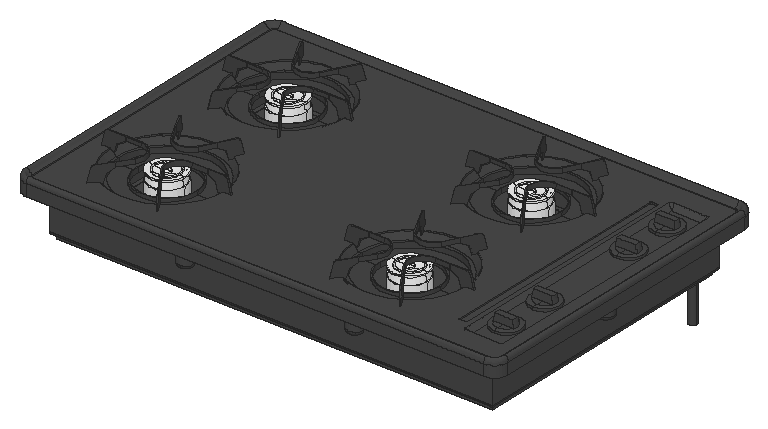
Revit family "QF_Summit_TNL05P_Cooktop", category Specialty Equipment, Revit 2020
Family settings
  Round Connector Dimension = Use Diameter
  Part Type = Normal
  Work Plane-Based = No
  Always vertical = Yes
  Cut with Voids When Loaded = No
  Shared = No
  Room Calculation Point = No
Parameters
  Weight in Pounds = 27
  URL Cutsheet = ""
  Specification by User = ""
  Specification by Manufacturer = ""
  Serial Number = ""
  Seismic Rating = ""
  SMACNA No = ""
  Revision Code = ""
  Plumbing Remarks = ""
  Plumbing Connection Type = ""
  NAFEM Spec ID Number = ""
  Model = "TNL05P"
  Masterspec = ""
  Manufacturer = "Summit"
  Length = 30"
  Item Number = ""
  Installed By = ""
  Identify Quantity as Lot = yes
  Height = 3 3/4"
  Gas Size = 0"
  Gas RI Height = 0"
  Gas KW = 0
  Gas Input = 9000.0 Btu/h
  Gas Connection Height = 0"
  Furnished By = ""
  Foodservice Equipment Identifier = yes
  Description = "Cooktop"
  Depth = 20"
  Default Elevation = 0"
  CSI MasterFormat = ""
Reference planes (in)
  plane 1 "BACK": y = 0
  plane 2: z = 0
  plane 3 "LEFT": x = 0
  plane 4 "RIGHT": x = 30
  plane 5 "FRONT": y = -20
  plane 6 "TOP": z = 3.75
  plane 7 "Center Y": x = 15
  plane 8 "Center X": y = -10
  plane 9: z = 2.75
  plane 10: z = 0.25
  plane 11: z = -2.75
Forms (in)
  Sweep 1, solid, material "QF_Plastic_Black_Smooth"
    path origin (0, 0, 3.74988) x (-1, 0, 0) y (0, -1, 0)
      loop
        line (-0.0625, 0.8125) -> (-0.0625, 19.1875)
        arc (-0.0625, 19.1875) -> (-0.28217, 19.71783) -> (-0.8125, 19.9375) r 0.75
        line (-0.8125, 19.9375) -> (-29.1875, 19.9375)
        arc (-29.1875, 19.9375) -> (-29.71783, 19.71783) -> (-29.9375, 19.1875) r 0.75
        line (-29.9375, 19.1875) -> (-29.9375, 0.8125)
        arc (-29.9375, 0.8125) -> (-29.71783, 0.28217) -> (-29.1875, 0.0625) r 0.75
        line (-29.1875, 0.0625) -> (-0.8125, 0.0625)
        arc (-0.8125, 0.0625) -> (-0.28217, 0.28217) -> (-0.0625, 0.8125) r 0.75
    profile origin (0.0625, -10, 3.74988) x (1, 0, 0) y (0, 0, 1)
      loop
        line (0.50007, -0.99988) -> (0.50007, -0.24988)
        spline (0.50007, -0.24988) -> (0.38683, -0.22526) -> (0.30986, -0.16677) -> (0.25459, -0.09746) -> (0.20654, -0.0403) -> (0.15715, -0.00897) -> (0.1083, -0.00102) -> (0.06291, -0.01235) -> (0.02367, -0.03905) -> (-0.00886, -0.07917) -> (-0.03532, -0.13183) -> (-0.05489, -0.20201) -> (-0.06266, -0.31115)
        line (-0.06266, -0.31115) -> (-0.06266, -0.99988) -> (0.50007, -0.99988)
  Extrusion 2, solid, material "QF_Plastic_Black_Smooth"
    sketch origin (23.1875, -0.5625, 3.24988) x (0, 1, 0) y (1, 0, 0)
      loop
        circle (-4.74127, -17.90956) r 3.49904
      loop
        line (-18.875, 6) -> (-18.875, -22.375)
        arc (-18.875, -22.375) -> (-18.80178, -22.55178) -> (-18.625, -22.625) r 0.25
        line (-18.625, -22.625) -> (-0.25, -22.625)
        arc (-0.25, -22.625) -> (-0.07322, -22.55178) -> (0, -22.375) r 0.25
        line (0, -22.375) -> (0, 6)
        arc (0, 6) -> (-0.07322, 6.17678) -> (-0.25, 6.25) r 0.25
        line (-0.25, 6.25) -> (-18.625, 6.25)
        arc (-18.625, 6.25) -> (-18.80178, 6.17678) -> (-18.875, 6) r 0.25
      loop
        circle (-4.74127, -2.85096) r 3.49904
      loop
        circle (-14.13373, -17.90956) r 3.49904
      loop
        circle (-14.13373, -2.85096) r 3.49904
    from 0.49988 to -0.25012
  Blend 3, void
    base sketch origin (23.18874, -0.56796, 3.54988) x (0, 1, 0) y (-1, 0, 0)
      loop
        arc (-1.25, -3.25) -> (-1.32322, -3.07322) -> (-1.5, -3) r 0.25
        line (-1.5, -3) -> (-17.375, -3)
        arc (-17.375, -3) -> (-17.55178, -3.07322) -> (-17.625, -3.25) r 0.25
        line (-17.625, -3.25) -> (-17.625, -5.5)
        arc (-17.625, -5.5) -> (-17.55178, -5.67678) -> (-17.375, -5.75) r 0.25
        line (-17.375, -5.75) -> (-1.5, -5.75)
        arc (-1.5, -5.75) -> (-1.32322, -5.67678) -> (-1.25, -5.5) r 0.25
        line (-1.25, -5.5) -> (-1.25, -3.25)
    top sketch origin (23.18874, -0.56796, 3.54988) x (0, 1, 0) y (-1, 0, 0)
      loop
        line (-1.71875, -3.46875) -> (-17.15625, -3.46875) -> (-17.15625, -5.28125) -> (-1.71875, -5.28125) -> (-1.71875, -3.46875)
    from 0.0625 to -0.31152
  Extrusion 4, void
    sketch origin (23.18874, -0.56796, 3.54988) x (0, 1, 0) y (-1, 0, 0)
      loop
        arc (-2, -2.4375) -> (-2.01831, -2.39331) -> (-2.0625, -2.375) r 0.0625
        line (-2.0625, -2.375) -> (-16.8125, -2.375)
        arc (-16.8125, -2.375) -> (-16.85669, -2.39331) -> (-16.875, -2.4375) r 0.0625
        line (-16.875, -2.4375) -> (-16.875, -2.8125)
        arc (-16.875, -2.8125) -> (-16.85669, -2.85669) -> (-16.8125, -2.875) r 0.0625
        line (-16.8125, -2.875) -> (-2.0625, -2.875)
        arc (-2.0625, -2.875) -> (-2.01831, -2.85669) -> (-2, -2.8125) r 0.0625
        line (-2, -2.8125) -> (-2, -2.4375)
    from 0.0625 to -0.125
  Revolve 5, solid, material "QF_Plastic_Black_Smooth"
    sketch origin (27.56592, -3, 0.23835) x (0, 1, 0) y (0, 0, 1)
      loop
        line (-0.75736, 3) -> (-0.50736, 3) -> (-0.50736, 3.07947) -> (0.15671, 3.07947) -> (0.15671, 3.2014)
        arc (0.15671, 3.2014) -> (0.03405, 3.23774) -> (-0.09329, 3.25) r 0.66737
        line (-0.09329, 3.25) -> (-0.75736, 3.25) -> (-0.75736, 3)
      axis (-0.75736, 3.25) -> (-0.75736, 3)
    angle from 0 to 360
  Blend 6, solid, material "QF_Plastic_Black_Smooth"
    base sketch origin (6.00065, -3, 3.98835) x (-1, 0, 0) y (0, -1, 0)
      loop
        arc (-20.9318, 0.55812) -> (-20.90121, 0.75736) -> (-20.9318, 0.95659) r 0.66406
        line (-20.9318, 0.95659) -> (-22.19875, 0.95659)
        arc (-22.19875, 0.95659) -> (-22.22934, 0.75736) -> (-22.19875, 0.55812) r 0.66406
        line (-22.19875, 0.55812) -> (-20.9318, 0.55812)
    top sketch origin (6.00065, -3, 3.98835) x (-1, 0, 0) y (0, -1, 0)
      loop
        arc (-20.98589, 0.57514) -> (-20.95791, 0.75736) -> (-20.98589, 0.93958) r 0.60736
        line (-20.98589, 0.93958) -> (-22.14466, 0.93958)
        arc (-22.14466, 0.93958) -> (-22.17264, 0.75736) -> (-22.14466, 0.57514) r 0.60736
        line (-22.14466, 0.57514) -> (-20.98589, 0.57514)
    from -0.5 to -0.05271
  Revolve 7, solid, material "QF_Plastic_Black_Smooth", not visible
    sketch origin (21.56528, -3, 0) x (0, 1, 0) y (0, 0, 1)
      loop
        line (-0.75736, 3) -> (-0.50736, 3) -> (-0.50736, 3.07947) -> (0.15671, 3.07947) -> (0.15671, 3.2014)
        arc (0.15671, 3.2014) -> (0.03405, 3.23774) -> (-0.09329, 3.25) r 0.66737
        line (-0.09329, 3.25) -> (-0.75736, 3.25) -> (-0.75736, 3)
      axis (-0.75736, 3.25) -> (-0.75736, 3)
    angle from 0 to 360
  Blend 8, solid, material "QF_Plastic_Black_Smooth", not visible
    base sketch origin (0, -3, 3.75) x (-1, 0, 0) y (0, -1, 0)
      loop
        arc (-20.9318, 0.55812) -> (-20.90121, 0.75736) -> (-20.9318, 0.95659) r 0.66406
        line (-20.9318, 0.95659) -> (-22.19875, 0.95659)
        arc (-22.19875, 0.95659) -> (-22.22934, 0.75736) -> (-22.19875, 0.55812) r 0.66406
        line (-22.19875, 0.55812) -> (-20.9318, 0.55812)
    top sketch origin (0, -3, 3.75) x (-1, 0, 0) y (0, -1, 0)
      loop
        arc (-20.98589, 0.57514) -> (-20.95791, 0.75736) -> (-20.98589, 0.93958) r 0.60736
        line (-20.98589, 0.93958) -> (-22.14466, 0.93958)
        arc (-22.14466, 0.93958) -> (-22.17264, 0.75736) -> (-22.14466, 0.57514) r 0.60736
        line (-22.14466, 0.57514) -> (-20.98589, 0.57514)
    from -0.5 to -0.05271
  Revolve 9, solid, material "QF_Plastic_Black_Smooth"
    sketch origin (27.56374, -23.00473, 0.23835) x (0, 1, 0) y (0, 0, 1)
      loop
        line (16.2458, 3) -> (16.4958, 3) -> (16.4958, 3.07947) -> (17.15986, 3.07947) -> (17.15986, 3.2014)
        arc (17.15986, 3.2014) -> (17.0372, 3.23774) -> (16.90986, 3.25) r 0.66737
        line (16.90986, 3.25) -> (16.2458, 3.25) -> (16.2458, 3)
      axis (16.2458, 3.25) -> (16.2458, 3)
    angle from 0 to 360
  Blend 10, solid, material "QF_Plastic_Black_Smooth"
    base sketch origin (5.99846, -23.00473, 3.98835) x (-1, 0, 0) y (0, -1, 0)
      loop
        arc (-20.9318, -16.44503) -> (-20.90121, -16.2458) -> (-20.9318, -16.04657) r 0.66406
        line (-20.9318, -16.04657) -> (-22.19875, -16.04657)
        arc (-22.19875, -16.04657) -> (-22.22934, -16.2458) -> (-22.19875, -16.44503) r 0.66406
        line (-22.19875, -16.44503) -> (-20.9318, -16.44503)
    top sketch origin (5.99846, -23.00473, 3.98835) x (-1, 0, 0) y (0, -1, 0)
      loop
        arc (-20.98589, -16.42802) -> (-20.95791, -16.2458) -> (-20.98589, -16.06358) r 0.60736
        line (-20.98589, -16.06358) -> (-22.14466, -16.06358)
        arc (-22.14466, -16.06358) -> (-22.17264, -16.2458) -> (-22.14466, -16.42802) r 0.60736
        line (-22.14466, -16.42802) -> (-20.98589, -16.42802)
    from -0.5 to -0.05271
  Revolve 11, solid, material "QF_Plastic_Black_Smooth"
    sketch origin (27.56156, -6.00158, 0.23835) x (0, 1, 0) y (0, 0, 1)
      loop
        line (-10.24264, 3) -> (-10.24264, 3.25) -> (-10.90671, 3.25)
        arc (-10.90671, 3.25) -> (-11.03405, 3.23774) -> (-11.15671, 3.2014) r 0.66737
        line (-11.15671, 3.2014) -> (-11.15671, 3.07947) -> (-10.49264, 3.07947) -> (-10.49264, 3) -> (-10.24264, 3)
      axis (-10.24264, 3.25) -> (-10.24264, 3)
    angle from 0 to 360
  Blend 12, solid, material "QF_Plastic_Black_Smooth"
    base sketch origin (5.99628, -6.00158, 3.98835) x (-1, 0, 0) y (0, -1, 0)
      loop
        line (-20.9318, 10.44188) -> (-22.19875, 10.44188)
        arc (-22.19875, 10.44188) -> (-22.22934, 10.24264) -> (-22.19875, 10.04341) r 0.66406
        line (-22.19875, 10.04341) -> (-20.9318, 10.04341)
        arc (-20.9318, 10.04341) -> (-20.90121, 10.24264) -> (-20.9318, 10.44188) r 0.66406
    top sketch origin (5.99628, -6.00158, 3.98835) x (-1, 0, 0) y (0, -1, 0)
      loop
        line (-20.98589, 10.42486) -> (-22.14466, 10.42486)
        arc (-22.14466, 10.42486) -> (-22.17264, 10.24264) -> (-22.14466, 10.06042) r 0.60736
        line (-22.14466, 10.06042) -> (-20.98589, 10.06042)
        arc (-20.98589, 10.06042) -> (-20.95791, 10.24264) -> (-20.98589, 10.42486) r 0.60736
    from -0.5 to -0.05271
  Revolve 13, solid, material "QF_Plastic_Black_Smooth"
    sketch origin (27.56156, -3.00158, 0.23835) x (0, 1, 0) y (0, 0, 1)
      loop
        line (-10.24264, 3) -> (-10.24264, 3.25) -> (-10.90671, 3.25)
        arc (-10.90671, 3.25) -> (-11.03405, 3.23774) -> (-11.15671, 3.2014) r 0.66737
        line (-11.15671, 3.2014) -> (-11.15671, 3.07947) -> (-10.49264, 3.07947) -> (-10.49264, 3) -> (-10.24264, 3)
      axis (-10.24264, 3.25) -> (-10.24264, 3)
    angle from 0 to 360
  Blend 14, solid, material "QF_Plastic_Black_Smooth"
    base sketch origin (5.99628, -3.00158, 3.98835) x (-1, 0, 0) y (0, -1, 0)
      loop
        line (-20.9318, 10.44188) -> (-22.19875, 10.44188)
        arc (-22.19875, 10.44188) -> (-22.22934, 10.24264) -> (-22.19875, 10.04341) r 0.66406
        line (-22.19875, 10.04341) -> (-20.9318, 10.04341)
        arc (-20.9318, 10.04341) -> (-20.90121, 10.24264) -> (-20.9318, 10.44188) r 0.66406
    top sketch origin (5.99628, -3.00158, 3.98835) x (-1, 0, 0) y (0, -1, 0)
      loop
        line (-20.98589, 10.42486) -> (-22.14466, 10.42486)
        arc (-22.14466, 10.42486) -> (-22.17264, 10.24264) -> (-22.14466, 10.06042) r 0.60736
        line (-22.14466, 10.06042) -> (-20.98589, 10.06042)
        arc (-20.98589, 10.06042) -> (-20.95791, 10.24264) -> (-20.98589, 10.42486) r 0.60736
    from -0.5 to -0.05271
  Revolve 15, solid, material "QF_Plastic_Black_Smooth", not visible
    sketch origin (21.56528, -20.00316, 0) x (0, 1, 0) y (0, 0, 1)
      loop
        line (16.2458, 3) -> (16.4958, 3) -> (16.4958, 3.07947) -> (17.15986, 3.07947) -> (17.15986, 3.2014)
        arc (17.15986, 3.2014) -> (17.0372, 3.23774) -> (16.90986, 3.25) r 0.66737
        line (16.90986, 3.25) -> (16.2458, 3.25) -> (16.2458, 3)
      axis (16.2458, 3.25) -> (16.2458, 3)
    angle from 0 to 360
  Blend 16, solid, material "QF_Plastic_Black_Smooth", not visible
    base sketch origin (0, -20.00316, 3.75) x (-1, 0, 0) y (0, -1, 0)
      loop
        arc (-20.9318, -16.44503) -> (-20.90121, -16.2458) -> (-20.9318, -16.04657) r 0.66406
        line (-20.9318, -16.04657) -> (-22.19875, -16.04657)
        arc (-22.19875, -16.04657) -> (-22.22934, -16.2458) -> (-22.19875, -16.44503) r 0.66406
        line (-22.19875, -16.44503) -> (-20.9318, -16.44503)
    top sketch origin (0, -20.00316, 3.75) x (-1, 0, 0) y (0, -1, 0)
      loop
        arc (-20.98589, -16.42802) -> (-20.95791, -16.2458) -> (-20.98589, -16.06358) r 0.60736
        line (-20.98589, -16.06358) -> (-22.14466, -16.06358)
        arc (-22.14466, -16.06358) -> (-22.17264, -16.2458) -> (-22.14466, -16.42802) r 0.60736
        line (-22.14466, -16.42802) -> (-20.98589, -16.42802)
    from -0.5 to -0.05271
  Extrusion 17, solid, material "QF_Plastic_Black_Smooth"
    sketch origin (9.68847, 8.08075, 0) x (-1, 0, 0) y (0, 1, 0)
      loop
        circle (-18, -10) r 0.25
    from -0.25 to 2.75
  Sweep 18, solid, material "QF_Plastic_Black_Smooth"
    path origin (0, 0, 0) x (1, 0, 0) y (0, 1, 0)
      loop
        line (28.75, -1.25) -> (1.25, -1.25) -> (1.25, -18.75) -> (28.75, -18.75) -> (28.75, -1.25)
    profile origin (28.75, -10, 0) x (1, 0, 0) y (0, 0, 1)
      loop
        line (-0.25, 0) -> (-0.25, 0.25) -> (-0.13174, 0.25)
        arc (-0.13174, 0.25) -> (-0.03859, 0.28859) -> (0, 0.38174) r 0.13174
        line (0, 0.38174) -> (0, 2.75) -> (-0.125, 2.75) -> (-0.125, 0.375) -> (-0.375, 0.375) -> (-0.375, 0) -> (-0.25, 0)
  Extrusion 19, solid, material "QF_Plastic_Black_Smooth"
    sketch origin (28.375, -1.625, 0.375) x (0, -1, 0) y (1, 0, 0)
      loop
        line (0, -26.75) -> (16.75, -26.75) -> (16.75, 0) -> (0, 0) -> (0, -26.75)
    from 0 to -0.125
  Extrusion 20, solid, material "QF_Plastic_Black_Smooth"
    sketch origin (28.375, -1.625, 0.25) x (1, 0, 0) y (0, -1, 0)
      loop
        circle (-1.43653, 0.29425) r 0.25
    from 0 to 0.0625
  Revolve 21, solid, material "QF_Plastic_Black_Smooth"
    sketch origin (0, -10, 0) x (1, 0, 0) y (0, 0, 1)
      loop
        line (1.25, 2.75) -> (0.75, 2.75) -> (0.75, 1.75)
        arc (0.75, 1.75) -> (0.8255, 1.58445) -> (1, 1.5329) r 0.21926
        line (1, 1.5329) -> (1.25, 1.5329) -> (1.25, 2.75)
      axis (1.25, 1.5329) -> (1.25, 2.75)
    angle from -90 to 90
  Revolve 22, solid, material "QF_Plastic_Black_Smooth"
    sketch origin (24, -10, 0) x (-1, 0, 0) y (0, 0, -1)
      loop
        line (-4.75, -2.75) -> (-4.75, -1.5329) -> (-5, -1.5329)
        arc (-5, -1.5329) -> (-5.1745, -1.58445) -> (-5.25, -1.75) r 0.21926
        line (-5.25, -1.75) -> (-5.25, -2.75) -> (-4.75, -2.75)
      axis (-4.75, -1.5329) -> (-4.75, -2.75)
    angle from -90 to 90
  Revolve 23, solid, material "QF_Plastic_Black_Smooth"
    sketch origin (18.44698, -1.25, 0) x (-1, 0, 0) y (0, 0, -1)
      loop
        line (-1.75, -2.75) -> (-1.75, -1.5329) -> (-2, -1.5329)
        arc (-2, -1.5329) -> (-2.1745, -1.58445) -> (-2.25, -1.75) r 0.21926
        line (-2.25, -1.75) -> (-2.25, -2.75) -> (-1.75, -2.75)
      axis (-1.75, -1.5329) -> (-1.75, -2.75)
    angle from 0 to 180
  Revolve 24, solid, material "QF_Plastic_Black_Smooth"
    sketch origin (7.94698, -1.25, 0) x (-1, 0, 0) y (0, 0, -1)
      loop
        line (-1.75, -2.75) -> (-1.75, -1.5329) -> (-2, -1.5329)
        arc (-2, -1.5329) -> (-2.1745, -1.58445) -> (-2.25, -1.75) r 0.21926
        line (-2.25, -1.75) -> (-2.25, -2.75) -> (-1.75, -2.75)
      axis (-1.75, -1.5329) -> (-1.75, -2.75)
    angle from 0 to 180
  Revolve 25, solid, material "QF_Plastic_Black_Smooth"
    sketch origin (18.44698, -18.75, 0) x (-1, 0, 0) y (0, 0, 1)
      loop
        line (-1.75, 2.75) -> (-2.25, 2.75) -> (-2.25, 1.75)
        arc (-2.25, 1.75) -> (-2.1745, 1.58445) -> (-2, 1.5329) r 0.21926
        line (-2, 1.5329) -> (-1.75, 1.5329) -> (-1.75, 2.75)
      axis (-1.75, 1.5329) -> (-1.75, 2.75)
    angle from 0 to 180
  Revolve 26, solid, material "QF_Plastic_Black_Smooth"
    sketch origin (7.94698, -18.75, 0) x (-1, 0, 0) y (0, 0, 1)
      loop
        line (-1.75, 2.75) -> (-2.25, 2.75) -> (-2.25, 1.75)
        arc (-2.25, 1.75) -> (-2.1745, 1.58445) -> (-2, 1.5329) r 0.21926
        line (-2, 1.5329) -> (-1.75, 1.5329) -> (-1.75, 2.75)
      axis (-1.75, 1.5329) -> (-1.75, 2.75)
    angle from 0 to 180
Cuts and joins
  Blend 3, Extrusion 4 cuts Extrusion 2
Lines and regions (in)
  symbolic lines
    curve 1: arc (27.56592, -2.84329, 3.98835) -> (26.65186, -3.75736, 3.98835) -> (27.56592, -4.67142, 3.98835) r 0.91406
    curve 2: arc (27.56592, -4.67142, 3.98835) -> (28.47998, -3.75736, 3.98835) -> (27.56592, -2.84329, 3.98835) r 0.91406
    curve 3: line (26.93245, -3.55812, 3.98835) -> (28.19939, -3.55812, 3.98835)
    curve 4: line (28.19939, -3.95659, 3.98835) -> (26.93245, -3.95659, 3.98835)
    curve 5: arc (26.93245, -3.55812, 3.98835) -> (26.90186, -3.75736, 3.98835) -> (26.93245, -3.95659, 3.98835) r 0.66406
    curve 6: arc (28.19939, -3.95659, 3.98835) -> (28.22998, -3.75736, 3.98835) -> (28.19939, -3.55812, 3.98835) r 0.66406
    curve 13: arc (27.56374, -5.84487, 3.98835) -> (26.64968, -6.75893, 3.98835) -> (27.56374, -7.673, 3.98835) r 0.91406
    curve 14: arc (27.56374, -7.673, 3.98835) -> (28.4778, -6.75893, 3.98835) -> (27.56374, -5.84487, 3.98835) r 0.91406
    curve 15: line (26.93027, -6.5597, 3.98835) -> (28.19721, -6.5597, 3.98835)
    curve 16: line (28.19721, -6.95817, 3.98835) -> (26.93027, -6.95817, 3.98835)
    curve 17: arc (26.93027, -6.5597, 3.98835) -> (26.89968, -6.75893, 3.98835) -> (26.93027, -6.95817, 3.98835) r 0.66406
    curve 18: arc (28.19721, -6.95817, 3.98835) -> (28.2278, -6.75893, 3.98835) -> (28.19721, -6.5597, 3.98835) r 0.66406
    curve 19: arc (27.56156, -17.15828, 3.98835) -> (26.6475, -16.24422, 3.98835) -> (27.56156, -15.33016, 3.98835) r 0.91406
    curve 20: arc (27.56156, -15.33016, 3.98835) -> (28.47562, -16.24422, 3.98835) -> (27.56156, -17.15828, 3.98835) r 0.91406
    curve 21: line (26.92809, -16.44345, 3.98835) -> (28.19503, -16.44345, 3.98835)
    curve 22: line (28.19503, -16.04499, 3.98835) -> (26.92809, -16.04499, 3.98835)
    curve 23: arc (26.92809, -16.44345, 3.98835) -> (26.8975, -16.24422, 3.98835) -> (26.92809, -16.04499, 3.98835) r 0.66406
    curve 24: arc (28.19503, -16.04499, 3.98835) -> (28.22562, -16.24422, 3.98835) -> (28.19503, -16.44345, 3.98835) r 0.66406
    curve 25: arc (27.56156, -14.15828, 3.98835) -> (26.6475, -13.24422, 3.98835) -> (27.56156, -12.33016, 3.98835) r 0.91406
    curve 26: arc (27.56156, -12.33016, 3.98835) -> (28.47562, -13.24422, 3.98835) -> (27.56156, -14.15828, 3.98835) r 0.91406
    curve 27: line (26.92809, -13.44345, 3.98835) -> (28.19503, -13.44345, 3.98835)
    curve 28: line (28.19503, -13.04499, 3.98835) -> (26.92809, -13.04499, 3.98835)
    curve 29: arc (26.92809, -13.44345, 3.98835) -> (26.8975, -13.24422, 3.98835) -> (26.92809, -13.04499, 3.98835) r 0.66406
    curve 30: arc (28.19503, -13.04499, 3.98835) -> (28.22562, -13.24422, 3.98835) -> (28.19503, -13.44345, 3.98835) r 0.66406
    curve 37: line (0.5625, -0.8125, 0) -> (0.5625, -19.1875, 0)
    curve 38: line (29.1875, -0.5625, 0) -> (0.8125, -0.5625, 0)
    curve 39: arc (0.5625, -0.8125, 0) -> (0.63572, -0.63572, 0) -> (0.8125, -0.5625, 0) r 0.25
    curve 40: arc (29.1875, -0.5625, 0) -> (29.36428, -0.63572, 0) -> (29.4375, -0.8125, 0) r 0.25
    curve 41: line (29.4375, -19.1875, 0) -> (29.4375, -0.8125, 0)
    curve 42: line (28.46999, -2.28671, 0) -> (26.65749, -2.28671, 0)
    curve 43: line (26.65749, -2.28671, 0) -> (26.65749, -17.72421, 0)
    curve 44: line (26.65749, -17.72421, 0) -> (28.46999, -17.72421, 0)
    curve 45: line (28.46999, -17.72421, 0) -> (28.46999, -2.28671, 0)
    curve 46: line (26.50446, -1.9588, 0) -> (28.62302, -1.9588, 0)
    curve 47: arc (28.62302, -1.9588, 0) -> (28.74668, -2.01002, 0) -> (28.7979, -2.13368, 0) r 0.17489
    curve 48: line (28.7979, -2.13368, 0) -> (28.7979, -17.87723, 0)
    curve 49: arc (28.7979, -17.87723, 0) -> (28.74668, -18.0009, 0) -> (28.62302, -18.05212, 0) r 0.17489
    curve 50: line (28.62302, -18.05212, 0) -> (26.50446, -18.05212, 0)
    curve 51: arc (26.50446, -18.05212, 0) -> (26.3808, -18.0009, 0) -> (26.32958, -17.87723, 0) r 0.17489
    curve 52: line (26.32958, -17.87723, 0) -> (26.32958, -2.13368, 0)
    curve 53: arc (26.32958, -2.13368, 0) -> (26.3808, -2.01002, 0) -> (26.50446, -1.9588, 0) r 0.17489
    curve 54: line (25.56374, -17.38046, 0) -> (25.56374, -2.63046, 0)
    curve 55: arc (25.56374, -2.63046, 0) -> (25.58205, -2.58626, 0) -> (25.62624, -2.56796, 0) r 0.0625
    curve 56: line (25.62624, -2.56796, 0) -> (26.00124, -2.56796, 0)
    curve 57: arc (26.00124, -2.56796, 0) -> (26.04543, -2.58626, 0) -> (26.06374, -2.63046, 0) r 0.0625
    curve 58: line (26.06374, -2.63046, 0) -> (26.06374, -17.38046, 0)
    curve 59: arc (26.06374, -17.38046, 0) -> (26.04543, -17.42465, 0) -> (26.00124, -17.44296, 0) r 0.0625
    curve 60: line (26.00124, -17.44296, 0) -> (25.62624, -17.44296, 0)
    curve 61: arc (25.62624, -17.44296, 0) -> (25.58205, -17.42465, 0) -> (25.56374, -17.38046, 0) r 0.0625
    curve 62: line (0.8125, -19.4375, 0) -> (29.1875, -19.4375, 0)
    curve 63: arc (29.4375, -19.1875, 0) -> (29.36428, -19.36428, 0) -> (29.1875, -19.4375, 0) r 0.25
    curve 64: arc (0.8125, -19.4375, 0) -> (0.63572, -19.36428, 0) -> (0.5625, -19.1875, 0) r 0.25
    curve 65: line (-0.00016, -19.1875, 0) -> (-0.00016, -0.8125, 0)
    curve 66: arc (-0.00016, -0.8125, 0) -> (0.23786, -0.23786, 0) -> (0.8125, 0.00016, 0) r 0.81266
    curve 67: line (0.8125, 0.00016, 0) -> (29.1875, 0.00016, 0)
    curve 68: arc (29.1875, 0.00016, 0) -> (29.76214, -0.23786, 0) -> (30.00016, -0.8125, 0) r 0.81266
    curve 69: line (30.00016, -0.8125, 0) -> (30.00016, -19.1875, 0)
    curve 70: arc (30.00016, -19.1875, 0) -> (29.76214, -19.76214, 0) -> (29.1875, -20.00016, 0) r 0.81266
    curve 71: line (29.1875, -20.00016, 0) -> (0.8125, -20.00016, 0)
    curve 72: arc (0.8125, -20.00016, 0) -> (0.23786, -19.76214, 0) -> (-0.00016, -19.1875, 0) r 0.81266
  symbolic lines, not visible
    curve 7: arc (21.56528, -2.84329, 3.75) -> (20.65121, -3.75736, 3.75) -> (21.56528, -4.67142, 3.75) r 0.91406
    curve 8: arc (21.56528, -4.67142, 3.75) -> (22.47934, -3.75736, 3.75) -> (21.56528, -2.84329, 3.75) r 0.91406
    curve 9: line (20.9318, -3.55812, 3.75) -> (22.19875, -3.55812, 3.75)
    curve 10: line (22.19875, -3.95659, 3.75) -> (20.9318, -3.95659, 3.75)
    curve 11: arc (20.9318, -3.55812, 3.75) -> (20.90121, -3.75736, 3.75) -> (20.9318, -3.95659, 3.75) r 0.66406
    curve 12: arc (22.19875, -3.95659, 3.75) -> (22.22934, -3.75736, 3.75) -> (22.19875, -3.55812, 3.75) r 0.66406
    curve 31: arc (21.56528, -2.84329, 3.75) -> (20.65121, -3.75736, 3.75) -> (21.56528, -4.67142, 3.75) r 0.91406
    curve 32: arc (21.56528, -4.67142, 3.75) -> (22.47934, -3.75736, 3.75) -> (21.56528, -2.84329, 3.75) r 0.91406
    curve 33: line (20.9318, -3.55812, 3.75) -> (22.19875, -3.55812, 3.75)
    curve 34: line (22.19875, -3.95659, 3.75) -> (20.9318, -3.95659, 3.75)
    curve 35: arc (20.9318, -3.55812, 3.75) -> (20.90121, -3.75736, 3.75) -> (20.9318, -3.95659, 3.75) r 0.66406
    curve 36: arc (22.19875, -3.95659, 3.75) -> (22.22934, -3.75736, 3.75) -> (22.19875, -3.55812, 3.75) r 0.66406
Dimensions and locks (in)
  equal spacing: plane 3 "LEFT", plane 7 "Center Y", plane 4 "RIGHT"
  "Length": plane 3 "LEFT" to plane 4 "RIGHT"
  equal spacing: plane 5 "FRONT", plane 8 "Center X", plane 1 "BACK"
  "Depth": plane 5 "FRONT" to plane 1 "BACK"
  "Height": plane 6 "TOP" to level
  plane 9 to plane 10 = 2 1/2"
  plane 10 to plane 11 = 3"
  plane 6 "TOP" to plane 9 = 1"
  aligned and locked: level to plane 2
Automatic sketch dimensions
  Blend 6 sketch curve to Blend 6 sketch curve = 0.63347"  (x2)
  Blend 6 sketch curve to Blend 6 sketch curve = 51/256"
  Blend 6 sketch curve to Blend 6 sketch curve = 0"  (x10)
  Blend 6 sketch curve to Blend 6 sketch curve = 0.57938"  (x2)
  Blend 6 sketch curve to Blend 6 sketch curve = 0.18222"
  curve 4 to curve 1 = 0.63347"
  curve 3 to curve 1 = 51/256"
  curve 2 to curve 5 = 183/256"
  curve 3 to curve 4 = 0"
  curve 2 to curve 3 = 0.63347"
  curve 2 to curve 5 = 0"  (x4)
  curve 2 to curve 6 = 0"  (x3)
  curve 5 to curve 6 = 0"  (x3)
  curve 1 to curve 2 = 0"  (x2)
  curve 1 to curve 5 = 0"  (x2)
  curve 1 to curve 6 = 0"  (x2)
  Blend 8 sketch curve to Blend 8 sketch curve = 0.63347"  (x2)
  Blend 8 sketch curve to Blend 8 sketch curve = 51/256"
  Blend 8 sketch curve to Blend 8 sketch curve = 0"  (x10)
  Blend 8 sketch curve to Blend 8 sketch curve = 0.57938"  (x2)
  Blend 8 sketch curve to Blend 8 sketch curve = 0.18222"
  curve 10 to curve 7 = 0.63347"
  curve 9 to curve 7 = 51/256"
  curve 8 to curve 11 = 183/256"
  curve 9 to curve 10 = 0"
  curve 8 to curve 9 = 0.63347"
  curve 8 to curve 11 = 0"  (x4)
  curve 8 to curve 12 = 0"  (x3)
  curve 11 to curve 12 = 0"  (x3)
  curve 7 to curve 8 = 0"  (x2)
  curve 7 to curve 11 = 0"  (x2)
  curve 7 to curve 12 = 0"  (x2)
  Revolve 9 sketch curve to Revolve 9 sketch curve = 1/4"  (x2)
  Revolve 9 sketch curve to Revolve 9 sketch curve = 53/128"
  Revolve 9 sketch curve to Revolve 9 sketch curve = 85/128"
  Revolve 9 sketch curve to Revolve 9 sketch curve = 0"
  Revolve 9 sketch curve to Revolve 9 sketch curve = 0.12193"
  Blend 10 sketch curve to Blend 10 sketch curve = 0.63347"  (x2)
  Blend 10 sketch curve to Blend 10 sketch curve = 51/256"
  Blend 10 sketch curve to Blend 10 sketch curve = 0"  (x10)
  Blend 10 sketch curve to Blend 10 sketch curve = 0.57938"  (x2)
  Blend 10 sketch curve to Blend 10 sketch curve = 0.18222"
  Revolve 9 sketch curve to Revolve 9 sketch curve = 0.41737"
  Revolve 9 sketch curve to Revolve 9 sketch curve = 0.07947"
  Revolve 9 sketch curve to Revolve 9 sketch curve = 0.30818"
  Revolve 11 sketch curve to Revolve 11 sketch curve = 1/4"  (x2)
  Revolve 11 sketch curve to Revolve 11 sketch curve = 53/128"
  Revolve 11 sketch curve to Revolve 11 sketch curve = 85/128"
  Revolve 11 sketch curve to Revolve 11 sketch curve = 0"
  Revolve 11 sketch curve to Revolve 11 sketch curve = 0.12193"
  Blend 12 sketch curve to Blend 12 sketch curve = 0.63347"  (x2)
  Blend 12 sketch curve to Blend 12 sketch curve = 51/256"
  Blend 12 sketch curve to Blend 12 sketch curve = 0"  (x10)
  Blend 12 sketch curve to Blend 12 sketch curve = 0.57938"  (x2)
  Blend 12 sketch curve to Blend 12 sketch curve = 0.18222"
  Revolve 11 sketch curve to Revolve 11 sketch curve = 0.41737"
  Revolve 11 sketch curve to Revolve 11 sketch curve = 0.07947"
  Revolve 11 sketch curve to Revolve 11 sketch curve = 0.30818"
  Revolve 13 sketch curve to Revolve 13 sketch curve = 1/4"  (x2)
  Revolve 13 sketch curve to Revolve 13 sketch curve = 53/128"
  Revolve 13 sketch curve to Revolve 13 sketch curve = 85/128"
  Revolve 13 sketch curve to Revolve 13 sketch curve = 0"
  Revolve 13 sketch curve to Revolve 13 sketch curve = 0.12193"
  Blend 14 sketch curve to Blend 14 sketch curve = 0.63347"  (x2)
  Blend 14 sketch curve to Blend 14 sketch curve = 51/256"
  Blend 14 sketch curve to Blend 14 sketch curve = 0"  (x10)
  Blend 14 sketch curve to Blend 14 sketch curve = 0.57938"  (x2)
  Blend 14 sketch curve to Blend 14 sketch curve = 0.18222"
  Revolve 13 sketch curve to Revolve 13 sketch curve = 0.41737"
  Revolve 13 sketch curve to Revolve 13 sketch curve = 0.07947"
  Revolve 13 sketch curve to Revolve 13 sketch curve = 0.30818"
  curve 16 to curve 13 = 0.63347"
  curve 15 to curve 13 = 51/256"
  curve 14 to curve 17 = 183/256"
  curve 15 to curve 16 = 0"
  curve 14 to curve 15 = 0.63347"
  curve 14 to curve 17 = 0"  (x4)
  curve 14 to curve 18 = 0"  (x3)
  curve 17 to curve 18 = 0"  (x3)
  curve 13 to curve 14 = 0"  (x2)
  curve 13 to curve 17 = 0"  (x2)
  curve 13 to curve 18 = 0"  (x2)
  curve 22 to curve 19 = 0.63347"
  curve 19 to curve 21 = 51/256"
  curve 23 to curve 20 = 183/256"
  curve 21 to curve 22 = 0"
  curve 20 to curve 21 = 0.63347"
  curve 20 to curve 23 = 0"  (x4)
  curve 20 to curve 24 = 0"  (x3)
  curve 23 to curve 24 = 0"  (x3)
  curve 19 to curve 20 = 0"  (x2)
  curve 19 to curve 23 = 0"  (x2)
  curve 19 to curve 24 = 0"  (x2)
  curve 28 to curve 25 = 0.63347"
  curve 25 to curve 27 = 51/256"
  curve 29 to curve 26 = 183/256"
  curve 27 to curve 28 = 0"
  curve 26 to curve 27 = 0.63347"
  curve 26 to curve 29 = 0"  (x4)
  curve 26 to curve 30 = 0"  (x3)
  curve 29 to curve 30 = 0"  (x3)
  curve 25 to curve 26 = 0"  (x2)
  curve 25 to curve 29 = 0"  (x2)
  curve 25 to curve 30 = 0"  (x2)
  Revolve 15 sketch curve to Revolve 15 sketch curve = 1/4"  (x2)
  Revolve 15 sketch curve to Revolve 15 sketch curve = 53/128"
  Revolve 15 sketch curve to Revolve 15 sketch curve = 85/128"
  Revolve 15 sketch curve to Revolve 15 sketch curve = 0"
  Revolve 15 sketch curve to Revolve 15 sketch curve = 0.12193"
  Blend 16 sketch curve to Blend 16 sketch curve = 0.63347"  (x2)
  Blend 16 sketch curve to Blend 16 sketch curve = 51/256"
  Blend 16 sketch curve to Blend 16 sketch curve = 0"  (x10)
  Blend 16 sketch curve to Blend 16 sketch curve = 0.57938"  (x2)
  Blend 16 sketch curve to Blend 16 sketch curve = 0.18222"
  Revolve 15 sketch curve to Revolve 15 sketch curve = 0.41737"
  Revolve 15 sketch curve to Revolve 15 sketch curve = 0.07947"
  Revolve 15 sketch curve to Revolve 15 sketch curve = 0.30818"
  curve 34 to curve 31 = 0.63347"
  curve 33 to curve 31 = 51/256"
  curve 32 to curve 35 = 183/256"
  curve 33 to curve 34 = 0"
  curve 32 to curve 33 = 0.63347"
  curve 32 to curve 35 = 0"  (x4)
  curve 32 to curve 36 = 0"  (x3)
  curve 35 to curve 36 = 0"  (x3)
  curve 31 to curve 32 = 0"  (x2)
  curve 31 to curve 35 = 0"  (x2)
  curve 31 to curve 36 = 0"  (x2)
  Revolve 5 sketch curve to Revolve 5 sketch curve = 1/4"  (x2)
  Revolve 5 sketch curve to Revolve 5 sketch curve = 53/128"
  Revolve 5 sketch curve to Revolve 5 sketch curve = 0.41737"
  Revolve 5 sketch curve to Revolve 5 sketch curve = 0.07947"
  Revolve 5 sketch curve to Revolve 5 sketch curve = 0.12193"
  Revolve 5 sketch curve to Revolve 5 sketch curve = 0"  (x2)
  Revolve 5 sketch curve to Revolve 5 sketch curve = 0.30818"
  Revolve 7 sketch curve to Revolve 7 sketch curve = 1/4"  (x2)
  Revolve 7 sketch curve to Revolve 7 sketch curve = 53/128"
  Revolve 7 sketch curve to Revolve 7 sketch curve = 0.41737"
  Revolve 7 sketch curve to Revolve 7 sketch curve = 0.07947"
  Revolve 7 sketch curve to Revolve 7 sketch curve = 0.12193"
  Revolve 7 sketch curve to Revolve 7 sketch curve = 0"  (x2)
  Revolve 7 sketch curve to Revolve 7 sketch curve = 0.30818"
  plane 4 "RIGHT" to Sweep 1 sketch curve = 1/16"
  Sweep 1 sketch curve to Sweep 1 sketch curve = 3/4"
  Sweep 1 sketch curve to plane 5 "FRONT" = 1/16"
  plane 4 "RIGHT" to Sweep 1 sketch curve = 13/16"
  plane 3 "LEFT" to Sweep 1 sketch curve = 13/16"  (x2)
  plane 3 "LEFT" to Sweep 1 sketch curve = 1/16"
  plane 1 "BACK" to Sweep 1 sketch curve = 13/16"
  profile plane to Sweep 1 sketch curve = 0.06266"
  Sweep 1 sketch curve to profile plane = 0.50007"
  Sweep 1 sketch curve to profile plane = 0.99988"
  Sweep 1 sketch curve to profile plane = 0.31115"
  Sweep 1 sketch curve to profile plane = 0.24988"
  Extrusion 2 sketch curve to plane 5 "FRONT" = 9/16"
  Extrusion 2 sketch curve to Extrusion 2 sketch curve = 1/4"  (x3)
  Extrusion 2 sketch curve to plane 8 "Center X" = 4.69623"  (x2)
  plane 7 "Center Y" to Extrusion 2 sketch curve = 5.33654"  (x2)
  plane 8 "Center X" to Extrusion 2 sketch curve = 4.69623"  (x2)
  plane 1 "BACK" to Extrusion 2 sketch curve = 13/16"  (x2)
  plane 4 "RIGHT" to Extrusion 2 sketch curve = 13/16"
  plane 3 "LEFT" to Extrusion 2 sketch curve = 5.27794"  (x2)
  plane 3 "LEFT" to Extrusion 2 sketch curve = 13/16"
  Blend 3 sketch curve to plane 5 "FRONT" = 1.80704"
  Blend 3 sketch curve to Blend 3 sketch curve = 1/4"  (x3)
  plane 4 "RIGHT" to Blend 3 sketch curve = 1.31126"
  plane 1 "BACK" to Blend 3 sketch curve = 2.06796"  (x2)
  Blend 3 sketch curve to Blend 3 sketch curve = 2 1/4"
  Blend 3 sketch curve to plane 5 "FRONT" = 2.27579"
  plane 1 "BACK" to Blend 3 sketch curve = 2.28671"
  plane 4 "RIGHT" to Blend 3 sketch curve = 1.53001"
  Blend 3 sketch curve to Blend 3 sketch curve = 1 13/16"
  Extrusion 4 sketch curve to plane 5 "FRONT" = 2.55704"
  Extrusion 4 sketch curve to Extrusion 4 sketch curve = 1/16"  (x3)
  plane 1 "BACK" to Extrusion 4 sketch curve = 2.63046"
  Extrusion 4 sketch curve to Extrusion 4 sketch curve = 0"
  plane 4 "RIGHT" to Extrusion 4 sketch curve = 3.93626"
  Extrusion 4 sketch curve to Extrusion 4 sketch curve = 3/8"
  plane 4 "RIGHT" to Extrusion 17 sketch curve = 2.31153"
  plane 1 "BACK" to Extrusion 17 sketch curve = 1.91925"
  plane 3 "LEFT" to Sweep 18 sketch curve = 1 1/4"
  plane 4 "RIGHT" to Sweep 18 sketch curve = 1 1/4"
  Sweep 18 sketch curve to plane 5 "FRONT" = 1 1/4"
  plane 1 "BACK" to Sweep 18 sketch curve = 1 1/4"
  Sweep 18 sketch curve to level = 0"
  profile plane to Sweep 18 sketch curve = 0"
  profile plane to Sweep 18 sketch curve = 1/8"
  Sweep 18 sketch curve to Sweep 18 sketch curve = 0.00674"
  profile plane to Sweep 18 sketch curve = 1/4"
  Sweep 18 sketch curve to Sweep 18 sketch curve = 1/8"  (x2)
  level to Sweep 18 sketch curve = 1/4"
  Sweep 18 sketch curve to Sweep 18 sketch curve = 2.36826"
  Extrusion 19 sketch curve to Sweep 18 = 0"  (x4)
  Extrusion 20 sketch curve to Extrusion 20 sketch curve = 0"  (x2)
  Extrusion 19 to Extrusion 20 sketch curve = 0.29425"
  Extrusion 19 to Extrusion 20 sketch curve = 1.43653"
  Extrusion 20 sketch curve to Extrusion 20 sketch curve = 1/4"
  Revolve 21 sketch curve to plane 9 = 0"  (x2)
  plane 3 "LEFT" to Revolve 21 sketch curve = 3/4"
  Revolve 21 sketch curve to Revolve 21 sketch curve = 0.21926"
  Revolve 21 sketch curve to Revolve 21 sketch curve = 0.03074"
  Revolve 21 sketch curve to Revolve 21 sketch curve = 1/4"
  Revolve 21 sketch curve to plane 9 = 1"
  Revolve 21 sketch curve to Revolve 21 sketch curve = 0"
  plane 9 to Revolve 21 sketch curve = 0.41303"
  Revolve 22 sketch curve to plane 9 = 0"  (x2)
  plane 4 "RIGHT" to Revolve 22 sketch curve = 3/4"
  Revolve 22 sketch curve to Revolve 22 sketch curve = 0.21926"
  Revolve 22 sketch curve to Revolve 22 sketch curve = 0.03074"
  Revolve 22 sketch curve to Revolve 22 sketch curve = 1/4"
  Revolve 22 sketch curve to plane 9 = 1"
  Revolve 22 sketch curve to Revolve 22 sketch curve = 0"
  Revolve 22 sketch curve to Revolve 22 sketch curve = 0.41303"
  Revolve 23 sketch curve to plane 9 = 0"  (x2)
  Revolve 23 sketch curve to plane 9 = 1"
  plane 7 "Center Y" to Revolve 23 sketch curve = 5.69698"
  Revolve 23 sketch curve to Revolve 23 sketch curve = 0.21926"
  Revolve 23 sketch curve to Revolve 23 sketch curve = 0.03074"
  Revolve 23 sketch curve to Revolve 23 sketch curve = 1/4"
  Revolve 23 sketch curve to Revolve 23 sketch curve = 0"
  Revolve 23 sketch curve to Revolve 23 sketch curve = 0.41303"
  Revolve 24 sketch curve to plane 9 = 0"  (x2)
  Revolve 24 sketch curve to plane 9 = 1"
  Revolve 24 sketch curve to plane 7 "Center Y" = 4.80302"
  Revolve 24 sketch curve to Revolve 24 sketch curve = 0.21926"
  Revolve 24 sketch curve to Revolve 24 sketch curve = 0.03074"
  Revolve 24 sketch curve to Revolve 24 sketch curve = 1/4"
  Revolve 24 sketch curve to Revolve 24 sketch curve = 0"
  Revolve 24 sketch curve to Revolve 24 sketch curve = 0.41303"
  Revolve 25 sketch curve to plane 9 = 0"  (x2)
  Revolve 25 sketch curve to plane 9 = 1"
  plane 7 "Center Y" to Revolve 25 sketch curve = 5.69698"
  Revolve 25 sketch curve to Revolve 25 sketch curve = 0.21926"
  Revolve 25 sketch curve to Revolve 25 sketch curve = 0.03074"
  Revolve 25 sketch curve to Revolve 25 sketch curve = 1/4"
  Revolve 25 sketch curve to Revolve 25 sketch curve = 0"
  plane 9 to Revolve 25 sketch curve = 0.41303"
  Revolve 26 sketch curve to plane 9 = 0"  (x2)
  Revolve 26 sketch curve to plane 9 = 1"
  Revolve 26 sketch curve to plane 7 "Center Y" = 4.80302"
  Revolve 26 sketch curve to Revolve 26 sketch curve = 0.21926"
  Revolve 26 sketch curve to Revolve 26 sketch curve = 0.03074"
  Revolve 26 sketch curve to Revolve 26 sketch curve = 1/4"
  Revolve 26 sketch curve to Revolve 26 sketch curve = 0"
  plane 9 to Revolve 26 sketch curve = 0.41303"
  curve 39 to curve 66 = 0"  (x2)
  curve 40 to curve 68 = 0"  (x2)
  curve 63 to curve 70 = 0"  (x2)
  curve 64 to curve 72 = 0"
  curve 65 to plane 3 "LEFT" = 0.00016"
  plane 3 "LEFT" to curve 37 = 9/16"
  curve 37 to curve 38 = 1/4"
  curve 64 to curve 64 = 1/4"
  plane 4 "RIGHT" to curve 54 = 4.43626"
  curve 54 to curve 61 = 1/16"
  curve 54 to curve 56 = 1/16"
  curve 60 to curve 60 = 3/8"
  curve 55 to curve 57 = 3/8"
  curve 59 to curve 58 = 1/16"
  curve 56 to curve 52 = 0.32834"
  curve 51 to curve 51 = 0.17489"
  curve 53 to curve 46 = 0.17489"
  curve 51 to curve 43 = 0.15303"
  plane 4 "RIGHT" to curve 44 = 1.53001"
  curve 42 to curve 47 = 0.15303"  (x2)
  curve 44 to curve 50 = 0.15303"
  curve 47 to curve 48 = 0.17489"
  plane 4 "RIGHT" to curve 40 = 13/16"
  plane 5 "FRONT" to curve 71 = 0.00016"
  plane 4 "RIGHT" to curve 71 = 13/16"
  curve 40 to curve 41 = 1/4"
  curve 50 to plane 5 "FRONT" = 1.94788"
  curve 49 to curve 44 = 0.15303"
  curve 52 to curve 60 = 0.43428"
  plane 1 "BACK" to curve 55 = 2.63046"
  curve 57 to curve 43 = 11/32"
  plane 1 "BACK" to curve 68 = 13/16"
  radius of Extrusion 2 sketch curve = 3.49904"  (x4)
  radius of Extrusion 17 sketch curve = 1/4"
Nested families (in)
  nested 1: "Summit_Burner" at (1.52794, -1.55377, 0.18845), type "Summit_Burner"
  nested 2: "Summit_Burner" at (16.58652, -1.55377, 0.18845), type "Summit_Burner"
  nested 3: "Summit_Burner" at (1.52794, -10.94623, 0.18845), type "Summit_Burner"
  nested 4: "Summit_Burner" at (16.58652, -10.94623, 0.18845), type "Summit_Burner"
Connectors (in)
  piping at (27.68847, -1.91925, -2.75), diameter 0.5
    settings: on Extrusion 17, index 1, connector inside diameter 24", connector length 0", flow factor 0, pipe flow 0 GPM, pressure drop 0.00 psi, fitting loss kfactor 0, connector angle 0.00°, fixture units 0, engagement length 0", angle of deflection 0.00°, flow configuration 1, flow direction 1, fitting loss method 0, system type 7, joint type 0, gender type 0, connector reference index -1, connector utility 0, adjustable connector no, is connector primary yes, connector description "Gas Connection"
Definition of nested family "Summit_Burner"
  Parameters (values of type "Summit_Burner")
    Model = ""
    Manufacturer = "Summit"
    Length = 7 1/2"
    Height = 3 3/4"
    Description = "Cooktop"
    Depth = 7 1/2"
    Default Elevation = 0"
  Reference planes (in)
    plane 1 "BACK": y = 0
    plane 2: z = 0
    plane 3 "LEFT": x = 0
    plane 4 "RIGHT": x = 7.5
    plane 5 "FRONT": y = -7.5
    plane 6 "TOP": z = 3.75
    plane 7 "Center Y": x = 3.75
    plane 8 "Center X": y = -3.75
  Forms (in)
    Revolve 1, solid
      sketch origin (-1.00614, -3.75, 0) x (1, 0, 0) y (0, 0, 1)
        loop
          spline (4.75614, 3.2974) -> (4.72569, 3.2971) -> (4.69575, 3.29619) -> (4.66685, 3.2947) -> (4.63948, 3.29264) -> (4.6141, 3.29006) -> (4.59115, 3.28699) -> (4.57103, 3.28349) -> (4.55407, 3.27963) -> (4.54057, 3.27546) -> (4.53076, 3.27106) -> (4.52481, 3.2665) -> (4.52281, 3.26186)
          line (4.52281, 3.26186) -> (4.52281, 3.21696)
          arc (4.52281, 3.21696) -> (4.26371, 3.23312) -> (4.00936, 3.28508) r 1.86649
          line (4.00936, 3.28508) -> (4.00936, 3.32514)
          arc (4.00936, 3.32514) -> (3.98019, 3.35431) -> (3.95103, 3.32514) r 0.02917
          line (3.95103, 3.32514) -> (3.95103, 3.28508) -> (3.61868, 3.31928) -> (3.61868, 3.24108) -> (3.76857, 3.21465) -> (3.68998, 2.76893) -> (3.61868, 2.76893) -> (3.61868, 1.8356) -> (4.75614, 1.8356) -> (4.75614, 3.2974)
        loop
          line (1.55611, 2.9044) -> (1.25614, 3.26188) -> (1.25614, 2.50443) -> (2.91868, 2.50443) -> (2.91868, 2.76893) -> (2.86035, 2.76893) -> (2.86035, 2.56277) -> (1.75201, 2.56277) -> (1.75201, 2.9044) -> (1.55611, 2.9044)
        axis (4.75614, 1.8356) -> (4.75614, 3.32514)
      angle from 0 to 360
    Extrusion 2, solid
      sketch origin (0, 0, 3.75) x (-1, 0, 0) y (0, -1, 0)
        loop
          line (-2.5179, 1.48578) -> (-2.46271, 1.51512) -> (-2.90948, 2.35538)
          arc (-2.90948, 2.35538) -> (-3.75, 2.86041) -> (-4.59052, 2.35538) r 0.95194
          line (-4.59052, 2.35538) -> (-5.03729, 1.51512) -> (-4.9821, 1.48578) -> (-4.53533, 2.32603)
          arc (-4.53533, 2.32603) -> (-3.75, 2.79791) -> (-2.96467, 2.32603) r 0.88944
          line (-2.96467, 2.32603) -> (-2.5179, 1.48578)
        loop
          line (-1.21219, 3.78125) -> (-2.16384, 3.78125)
          arc (-2.16384, 3.78125) -> (-2.94917, 4.25312) -> (-2.90122, 5.16806) r 0.88944
          line (-2.90122, 5.16806) -> (-2.35458, 5.97849) -> (-2.40639, 6.01344) -> (-2.95303, 5.20301)
          arc (-2.95303, 5.20301) -> (-3.00435, 4.22378) -> (-2.16384, 3.71875) r 0.95194
          line (-2.16384, 3.71875) -> (-1.21219, 3.71875) -> (-1.21219, 3.78125)
        loop
          line (-6.28781, 3.78125) -> (-6.28781, 3.71875) -> (-5.33616, 3.71875)
          arc (-5.33616, 3.71875) -> (-4.49565, 4.22378) -> (-4.54697, 5.20301) r 0.95194
          line (-4.54697, 5.20301) -> (-5.09361, 6.01344) -> (-5.14542, 5.97849) -> (-4.59878, 5.16806)
          arc (-4.59878, 5.16806) -> (-4.55083, 4.25312) -> (-5.33616, 3.78125) r 0.88944
          line (-5.33616, 3.78125) -> (-6.28781, 3.78125)
      from 0.25 to 0.5
    Extrusion 3, solid
      sketch origin (0, -3.71875, 0) x (-1, 0, 0) y (0, 0, 1)
        loop
          line (-0.20802, 3.31155) -> (0.24994, 3.31155) -> (0.05937, 4.07589)
          arc (0.05937, 4.07589) -> (-0.02208, 4.20131) -> (-0.16348, 4.25) r 0.22968
          line (-0.16348, 4.25) -> (-1.21219, 4.25) -> (-1.21219, 4) -> (-0.67738, 3.69123) -> (-0.55416, 3.19699) -> (-0.30416, 3.19699) -> (-0.20802, 3.31155)
      from 0 to -0.0625
    Extrusion 4, solid
      sketch origin (1.67673, -6.98344, 0) x (-0.559193, -0.829038, 0) y (0, 0, 1)
        loop
          line (-0.20802, 3.31155) -> (0.24994, 3.31155) -> (0.05937, 4.07589)
          arc (0.05937, 4.07589) -> (-0.02208, 4.20131) -> (-0.16348, 4.25) r 0.22968
          line (-0.16348, 4.25) -> (-1.21219, 4.25) -> (-1.21219, 4) -> (-0.67738, 3.69123) -> (-0.55416, 3.19699) -> (-0.30416, 3.19699) -> (-0.20802, 3.31155)
      from 0 to -0.0625
    Extrusion 5, solid
      sketch origin (7.5, -3.71875, 0) x (1, 0, 0) y (0, 0, -1)
        loop
          line (-0.20802, -3.31155) -> (-0.30416, -3.19699) -> (-0.55416, -3.19699) -> (-0.67738, -3.69123) -> (-1.21219, -4) -> (-1.21219, -4.25) -> (-0.16348, -4.25)
          arc (-0.16348, -4.25) -> (-0.02208, -4.20131) -> (0.05937, -4.07589) r 0.22968
          line (0.05937, -4.07589) -> (0.24994, -3.31155) -> (-0.20802, -3.31155)
      from 0 to -0.0625
    Extrusion 6, solid
      sketch origin (5.82327, -6.98344, 0) x (0.559193, -0.829038, 0) y (0, 0, -1)
        loop
          line (-0.20802, -3.31155) -> (-0.30416, -3.19699) -> (-0.55416, -3.19699) -> (-0.67738, -3.69123) -> (-1.21219, -4) -> (-1.21219, -4.25) -> (-0.16348, -4.25)
          arc (-0.16348, -4.25) -> (-0.02208, -4.20131) -> (0.05937, -4.07589) r 0.22968
          line (0.05937, -4.07589) -> (0.24994, -3.31155) -> (-0.20802, -3.31155)
      from 0 to -0.0625
    Extrusion 7, solid
      sketch origin (1.94881, -0.41548, 0) x (-0.469472, 0.882948, 0) y (0, 0, 1)
        loop
          line (-0.20802, 3.31155) -> (0.24994, 3.31155) -> (0.05937, 4.07589)
          arc (0.05937, 4.07589) -> (-0.02208, 4.20131) -> (-0.16348, 4.25) r 0.22968
          line (-0.16348, 4.25) -> (-1.21219, 4.25) -> (-1.21219, 4) -> (-0.67738, 3.69123) -> (-0.55416, 3.19699) -> (-0.30416, 3.19699) -> (-0.20802, 3.31155)
      from 0 to -0.0625
    Extrusion 8, solid
      sketch origin (5.55119, -0.41548, 0) x (0.469472, 0.882948, 0) y (0, 0, -1)
        loop
          line (-0.20802, -3.31155) -> (-0.30416, -3.19699) -> (-0.55416, -3.19699) -> (-0.67738, -3.69123) -> (-1.21219, -4) -> (-1.21219, -4.25) -> (-0.16348, -4.25)
          arc (-0.16348, -4.25) -> (-0.02208, -4.20131) -> (0.05937, -4.07589) r 0.22968
          line (0.05937, -4.07589) -> (0.24994, -3.31155) -> (-0.20802, -3.31155)
      from 0 to -0.0625
  Lines and regions (in)
    symbolic lines
      curve 1: line (0, -7.5, 27) -> (0, -7.5, 26)
      curve 2: circle (3.75, -3.75, 3.75) r 0.80512 normal (0, 0, 1)
      curve 3: circle (3.75, -3.75, 3.75) r 0.74678 normal (0, 0, 1)
      curve 4: circle (3.75, -3.75, 3.75) r 0.23333 normal (0, 0, 1)
      curve 5: line (-0.24994, -3.78125, 3.75) -> (2.16384, -3.78125, 3.75)
      curve 6: line (2.1681, -3.71876, 3.75) -> (-0.24994, -3.71876, 3.75)
      curve 7: line (-0.24994, -3.71876, 3.75) -> (-0.24994, -3.78125, 3.75)
      curve 8: arc (1.92099, -6.73308, 3.75) -> (3.74054, -7.24735, 3.75) -> (5.56205, -6.74006, 3.75) r 3.49978
      curve 9: arc (2.08902, -6.48396, 3.75) -> (3.74048, -6.94686, 3.75) -> (5.39374, -6.49045, 3.75) r 3.19975
      curve 10: arc (2.80998, -5.39281, 3.75) -> (3.73378, -5.63885, 3.75) -> (4.66013, -5.40255, 3.75) r 1.89484
      curve 11: arc (3.11548, -4.69456, 3.75) -> (3.75006, -4.88773, 3.75) -> (4.38451, -4.69416, 3.75) r 1.13775
      curve 12: arc (3.11358, -4.60599, 3.75) -> (3.75009, -4.81648, 3.75) -> (4.38646, -4.60552, 3.75) r 1.06645
      curve 13: arc (2.70583, -3.96546, 3.75) -> (2.82791, -4.28523, 3.75) -> (3.04503, -4.54983, 3.75) r 1.06617
      curve 14: arc (2.62075, -3.90758, 3.75) -> (2.76396, -4.32186, 3.75) -> (3.05307, -4.65132, 3.75) r 1.13848
      curve 15: arc (1.85101, -3.78125, 3.75) -> (2.10293, -4.69369, 3.75) -> (2.76463, -5.37056, 3.75) r 1.89561
      curve 16: arc (0.55022, -3.78125, 3.75) -> (0.95335, -5.30531, 3.75) -> (2.03523, -6.45195, 3.75) r 3.20005
      curve 17: arc (0.25121, -3.78125, 3.75) -> (0.69074, -5.44885, 3.75) -> (1.87327, -6.70414, 3.75) r 3.50004
      curve 18: arc (3.336, -2.76567, 3.75) -> (2.82709, -3.2137, 3.75) -> (2.69076, -3.87789, 3.75) r 1.06729
      curve 19: arc (3.25742, -2.72306, 3.75) -> (2.7652, -3.17872, 3.75) -> (2.61493, -3.83242, 3.75) r 1.13855
      curve 20: arc (4.07713, -2.73557, 3.75) -> (3.74996, -2.6841, 3.75) -> (3.42279, -2.73553, 3.75) r 1.06604
      curve 21: arc (4.16928, -2.69288, 3.75) -> (3.74997, -2.61275, 3.75) -> (3.33065, -2.69285, 3.75) r 1.13737
      curve 22: arc (2.76976, -2.09259, 3.75) -> (2.09515, -2.78438, 3.75) -> (1.84898, -3.71876, 3.75) r 1.89636
      curve 23: arc (4.66187, -2.08805, 3.75) -> (3.74999, -1.8543, 3.75) -> (2.83809, -2.08798, 3.75) r 1.8958
      curve 24: arc (2.17107, -0.96662, 3.75) -> (0.99268, -2.126, 3.75) -> (0.55012, -3.71876, 3.75) r 3.20003
      curve 25: arc (5.27431, -0.93622, 3.75) -> (3.75001, -0.54989, 3.75) -> (2.22573, -0.93629, 3.75) r 3.20003
      curve 26: arc (5.41517, -0.67131, 3.75) -> (3.75001, -0.24988, 3.75) -> (2.08489, -0.67141, 3.75) r 3.5
      curve 27: arc (2.0302, -0.70168, 3.75) -> (0.73555, -1.9715, 3.75) -> (0.25014, -3.71876, 3.75) r 3.5
      curve 28: arc (7.25002, -3.75005, 3.75) -> (6.77237, -1.985, 3.75) -> (5.46979, -0.70171, 3.75) r 3.5
      curve 29: arc (6.95006, -3.75005, 3.75) -> (6.51523, -2.13951, 3.75) -> (5.32891, -0.96665, 3.75) r 3.20003
      curve 30: arc (5.64584, -3.75005, 3.75) -> (5.39712, -2.81134, 3.75) -> (4.71623, -2.11894, 3.75) r 1.8958
      curve 31: arc (4.88188, -3.86551, 3.75) -> (4.74248, -3.19327, 3.75) -> (4.24178, -2.72354, 3.75) r 1.13799
      curve 32: arc (4.80375, -3.91294, 3.75) -> (4.68061, -3.22921, 3.75) -> (4.16245, -2.76642, 3.75) r 1.0664
      curve 33: arc (4.45497, -4.54981, 3.75) -> (4.66215, -4.30196, 3.75) -> (4.78559, -4.00343, 3.75) r 1.06616
      curve 34: arc (4.44699, -4.64889, 3.75) -> (4.72483, -4.33609, 3.75) -> (4.87078, -3.944, 3.75) r 1.13746
      curve 35: arc (4.71999, -5.37886, 3.75) -> (5.38253, -4.71385, 3.75) -> (5.64481, -3.81251, 3.75) r 1.8958
      curve 36: arc (5.44986, -6.46121, 3.75) -> (6.5347, -5.32656, 3.75) -> (6.94939, -3.81251, 3.75) r 3.20003
      curve 37: arc (5.61765, -6.71004, 3.75) -> (6.79962, -5.46744, 3.75) -> (7.24939, -3.81251, 3.75) r 3.5
      curve 38: arc (2.16384, -3.78125, 3.75) -> (2.94917, -4.25312, 3.75) -> (2.90122, -5.16806, 3.75) r 0.88944
      curve 39: arc (2.95303, -5.20301, 3.75) -> (3.00435, -4.22378, 3.75) -> (2.16384, -3.71875, 3.75) r 0.95194
      curve 40: line (2.90122, -5.16806, 3.75) -> (1.53696, -7.19065, 3.75)
      curve 41: line (1.58878, -7.2256, 3.75) -> (2.95303, -5.20301, 3.75)
      curve 42: line (1.53696, -7.19065, 3.75) -> (1.58878, -7.2256, 3.75)
      curve 43: arc (5.33616, -3.71875, 3.75) -> (4.49565, -4.22378, 3.75) -> (4.54697, -5.20301, 3.75) r 0.95194
      curve 44: arc (4.59878, -5.16806, 3.75) -> (4.55083, -4.25312, 3.75) -> (5.33616, -3.78125, 3.75) r 0.88944
      curve 45: line (5.96304, -7.19065, 3.75) -> (4.59878, -5.16806, 3.75)
      curve 46: line (4.54697, -5.20301, 3.75) -> (5.91122, -7.2256, 3.75)
      curve 47: line (7.74994, -3.71875, 3.75) -> (5.33616, -3.71875, 3.75)
      curve 48: line (5.33616, -3.78125, 3.75) -> (7.74994, -3.78125, 3.75)
      curve 49: line (7.74994, -3.78125, 3.75) -> (7.74994, -3.71875, 3.75)
      curve 50: line (5.91122, -7.2256, 3.75) -> (5.96304, -7.19065, 3.75)
      curve 51: arc (2.90948, -2.35538, 3.75) -> (3.75, -2.86041, 3.75) -> (4.59052, -2.35538, 3.75) r 0.95194
      curve 52: arc (4.53533, -2.32603, 3.75) -> (3.75, -2.79791, 3.75) -> (2.96467, -2.32603, 3.75) r 0.88944
      curve 53: line (1.77629, -0.22414, 3.75) -> (2.90948, -2.35538, 3.75)
      curve 54: line (2.96467, -2.32603, 3.75) -> (1.83147, -0.1948, 3.75)
      curve 55: line (5.66853, -0.1948, 3.75) -> (4.53533, -2.32603, 3.75)
      curve 56: line (4.59052, -2.35538, 3.75) -> (5.72371, -0.22414, 3.75)
      curve 57: line (5.72371, -0.22414, 3.75) -> (5.66853, -0.1948, 3.75)
      curve 58: line (1.83147, -0.1948, 3.75) -> (1.77629, -0.22414, 3.75)
  Dimensions and locks (in)
    equal spacing: plane 3 "LEFT", plane 7 "Center Y", plane 4 "RIGHT"
    "Length": plane 3 "LEFT" to plane 4 "RIGHT"
    equal spacing: plane 5 "FRONT", plane 8 "Center X", plane 1 "BACK"
    "Depth": plane 5 "FRONT" to plane 1 "BACK"
    "Height": plane 6 "TOP" to level
    aligned and locked: level to plane 2
  Automatic sketch dimensions
    curve 1 to plane 5 "FRONT" = 0"
    plane 6 "TOP" to curve 1 = 22 1/4"
    curve 1 to curve 1 = 1"
    curve 2 to curve 3 = 0"  (x2)
    curve 2 to curve 4 = 0"
    curve 3 to curve 4 = 0"
    curve 3 to curve 24 = 0"
    curve 4 to curve 13 = 0"
    curve 13 to curve 24 = 0"  (x2)
    curve 13 to curve 27 = 0"  (x2)
    curve 3 to plane 7 "Center Y" = 0"
    curve 4 to plane 8 "Center X" = 0"
    plane 7 "Center Y" to curve 28 = 0"
    curve 29 to curve 28 = 0"
    plane 8 "Center X" to curve 35 = 0"
    plane 7 "Center Y" to curve 35 = 0.00004"
    curve 30 to curve 29 = 0"
    curve 25 to curve 35 = 0.00004"
    curve 26 to curve 25 = 0.00004"  (x2)
    plane 7 "Center Y" to curve 16 = 0.00012"
    plane 7 "Center Y" to curve 18 = 0.00028"
    curve 19 to curve 18 = 0.00017"
    curve 17 to plane 8 "Center X" = 0.0005"
    curve 17 to curve 16 = 0.001"
    curve 33 to plane 8 "Center X" = 0"
    curve 33 to plane 7 "Center Y" = 0"
    curve 33 to curve 34 = 0"  (x2)
    curve 34 to curve 36 = 0"
    curve 36 to curve 37 = 0.00002"
    curve 23 to plane 7 "Center Y" = 0.00008"
    curve 23 to curve 21 = 0"
    curve 21 to curve 20 = 0"
    curve 32 to plane 7 "Center Y" = 0.00009"
    curve 32 to curve 31 = 0.00011"
    curve 12 to plane 8 "Center X" = 0.00003"
    curve 23 to curve 12 = 0.00022"
    plane 8 "Center X" to curve 11 = 0"
    curve 12 to curve 11 = 0"
    plane 8 "Center X" to curve 14 = 0.00028"
    curve 11 to curve 14 = 0.00146"
    curve 14 to curve 8 = 0.00099"
    curve 8 to curve 9 = 0.00049"
    plane 8 "Center X" to curve 15 = 0.00104"
    curve 8 to curve 15 = 0.0009"
    curve 22 to plane 7 "Center Y" = 0.00467"
    curve 9 to curve 10 = 0.003"
    plane 8 "Center X" to curve 6 = 1/32"
    curve 5 to plane 8 "Center X" = 1/32"
    curve 6 to curve 5 = 0.00426"
    curve 7 to plane 3 "LEFT" = 0.24994"
    curve 10 to curve 15 = 0.00493"
    curve 9 to curve 15 = 0.00185"
    curve 9 to curve 8 = 0.00046"
    plane 8 "Center X" to curve 18 = 0.00072"
    curve 18 to curve 19 = 0.00005"
    curve 31 to curve 11 = 0.00029"
    curve 31 to curve 32 = 0.0001"
    plane 8 "Center X" to curve 26 = 0.00012"
    curve 36 to plane 8 "Center X" = 0"
